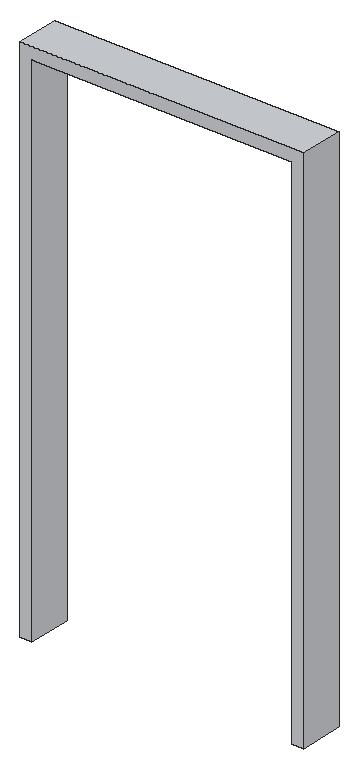
Revit family "door-cstest", category Doors, host Wall, Revit 2014
Parameters
  plaster thicknes [instance] = 25 mm
  gap = 30 mm
  frame thick = 45 mm
  frame ext offset = 52.5 mm
  frame depth = 160 mm
  closure = 47.046 mm
  Function = Interior
  Frame Projection Ext. = 25 mm
  Frame Projection Int. = 25 mm
  Frame Width = 75 mm
  Height = 2000 mm
  Wall Closure = By host
  Width = 1000 mm
Reference planes
  plane 1: y = 0
  plane 2 "Center (Left/Right)": x = 0
  plane 3 "Left": x = -500
  plane 4 "Right": x = 500
  plane 5: z = 2000
  plane 6 "Exterior": y = 87.5
  plane 7 "Interior": y = -87.5
  plane 8: x = -525
  plane 9: y = -62.5
  plane 10: x = 525
  plane 11 "ext frame": y = 35
  plane 12 "int frame": y = -125
  plane 13: x = -480
  plane 14: x = 480
  plane 15: x = -555
  plane 16: x = 555
Forms (mm)
  Extrusion 1, void
    sketch origin (0, 0, 0) x (1, 0, 0) y (0, 1, 0)
      loop
        line (-500, 87.5) -> (-500, 35) -> (-525, 35) -> (-525, -62.5) -> (-555, -62.5) -> (-555, -87.5) -> (555, -87.5) -> (555, -62.5) -> (525, -62.5) -> (525, 0) -> (525, 35) -> (500, 35) -> (500, 87.5) -> (-500, 87.5)
    from 0 to 2000
  Sweep 2, solid
    path in 3D
      loop
        line (-555, -87.5, 0) -> (-555, -87.5, 2000) -> (555, -87.5, 2000) -> (555, -87.5, 0)
    profile origin (-555, -87.5, 1000) x (0, -1, 0) y (1, 0, 0)
      loop
        line (-122.5, 30) -> (37.5, 30) -> (37.5, 75) -> (-122.5, 75) -> (-122.5, 30)
Lines and regions (mm)
  symbolic lines, style "Elevation Swing"
    curve 1: line (500, -87.5, 1000) -> (-500, -87.5, 2000)
    curve 2: line (500, -87.5, 1000) -> (-500, -87.5, 0)
  sketch lines
    curve 3: line (-555, -87.5, 0) -> (-555, -87.5, 2000)
    curve 4: line (-555, -87.5, 2000) -> (555, -87.5, 2000)
    curve 5: line (555, -87.5, 2000) -> (555, -87.5, 0)
Text (mm)
  text "Exterior" at (-2295.016, 1099.543, 0), in view "Ref. Level"
  text "Exterior" at (0, 1615.38, 3698.081), in view "Left"
  text "Exterior" at (0, 1036.032, 3874.932), in view "Right"
Dimensions and locks
  equal spacing: plane 3 "Left", plane 2 "Center (Left/Right)", plane 4 "Right"
  "Width": plane 3 "Left" to plane 4 "Right"
  "Height": plane 5 to host wall
  equal spacing: host wall, curve 2, plane 5
  host wall to plane 5 = 2000 mm
  locked: plane 6 "Exterior" to host wall at 0
  locked: plane 7 "Interior" to host wall
  "plaster thicknes": plane 8 to plane 3 "Left"
  "plaster thicknes": plane 7 "Interior" to plane 9
  "plaster thicknes": plane 4 "Right" to plane 10
  "frame ext offset": plane 11 "ext frame" to plane 6 "Exterior"
  "frame depth": plane 11 "ext frame" to plane 12 "int frame"
  "frame thick": plane 8 to plane 13
  "frame thick": plane 14 to plane 10
  "gap": plane 15 to plane 8
  "gap": plane 10 to plane 16
  aligned and locked: plane 5 to curve 1
  aligned and locked: plane 3 "Left" to curve 2
  aligned and locked: plane 1 to host wall
  aligned and locked: plane 3 "Left" to curve 1
  aligned and locked: plane 3 "Left" to Extrusion 1 sketch curve
  aligned and locked: plane 8 to Extrusion 1 sketch curve
  aligned and locked: plane 11 "ext frame" to Extrusion 1 sketch curve  (x2)
  aligned and locked: Extrusion 1 sketch curve to plane 9  (x2)
  aligned and locked: plane 15 to Extrusion 1 sketch curve
  aligned and locked: plane 7 "Interior" to Extrusion 1 sketch curve
  aligned and locked: Extrusion 1 sketch curve to plane 16
  aligned and locked: Extrusion 1 sketch curve to plane 10  (x2)
  aligned and locked: Extrusion 1 sketch curve to plane 4 "Right"
  aligned and locked: Extrusion 1 sketch curve to plane 6 "Exterior"
  aligned and locked: Extrusion 1 to plane 5
  aligned and locked: Sweep 2 sketch curve to plane 11 "ext frame"
  aligned and locked: Sweep 2 sketch curve to plane 8
  aligned and locked: plane 12 "int frame" to Sweep 2 sketch curve
  aligned and locked: plane 13 to Sweep 2 sketch curve
Automatic sketch dimensions
  plane 4 "Right" to curve 2 = 0 mm
  curve 2 to level = 0 mm
  host wall to Extrusion 1 sketch curve = 0 mm
